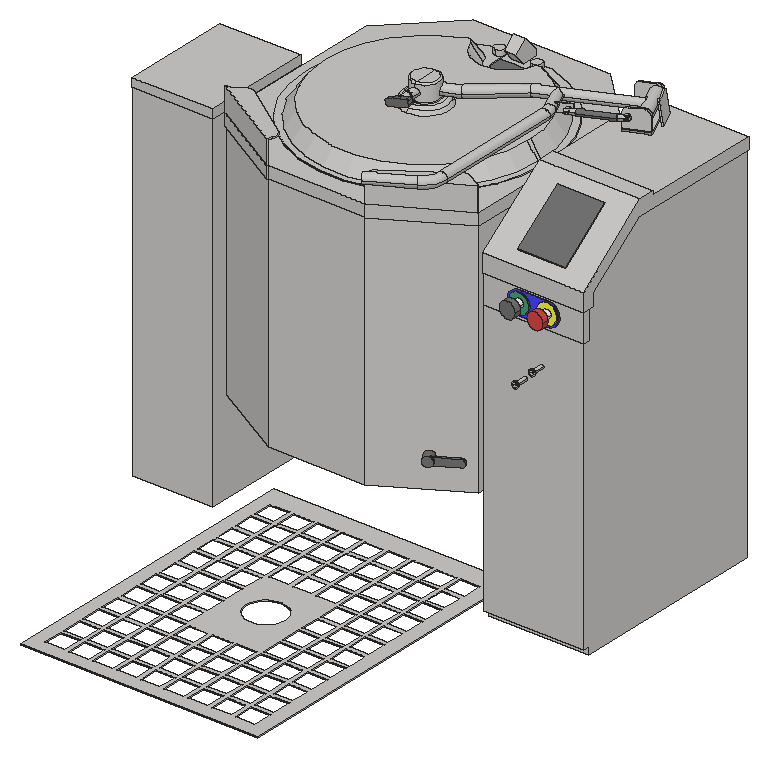
Revit family "QF_DIETATEC_C-CLASSIC_60_180516032051", category Specialty Equipment, Revit 2015
Parameters
  Width [instance] = 1154 mm
  Weight in Pounds [instance] = 297.621
  Volts [instance] = 400 V
  URL Cutsheet [instance] = ""
  URL = "www.dietatec.com"
  Status [instance] = ""
  Specification by User [instance] = ""
  Specification by Manufacturer [instance] = ""
  Serial Number [instance] = "C-CLASSIC_60"
  Seismic Rating [instance] = ""
  SMACNA No [instance] = ""
  Revision Code [instance] = ""
  Phase [instance] = 0
  Number of Poles [instance] = 3
  NAFEM Spec ID Number [instance] = ""
  Model = "54311"
  Min Ckt Ampacity [instance] = 0 A
  Max Overcurrent Protection [instance] = 0 A
  Masterspec [instance] = ""
  Manufacturer = "DIETATEC"
  ListPrice [instance] = 0
  Item Number [instance] = ""
  Installed By [instance] = ""
  Identify Quantity as Lot [instance] = yes
  Height [instance] = 1000 mm
  HP [instance] = ""
  Furnished By [instance] = ""
  Foodservice Equipment Identifier [instance] = yes
  FL Amps [instance] = 20 A
  Elec Conn RI Height [instance] = 0 mm
  Elec Conn Connection Height [instance] = 120 mm
  Description = "DIETA C-CLASSIC 60 KETTLE, ELECTRIC MODEL"
  Depth [instance] = 770 mm
  Cycle [instance] = 50 Hz
  Conn Plug [instance] = ""
  Conn Conduit [instance] = yes
  CSI MasterFormat [instance] = ""
  Assembly Code = "E1090320"
  Apparent Power [instance] = 13500 VA
Reference planes
  plane 1 "Center (Front/Back)": y = 0
  plane 2: z = 0
  plane 3 "Center (Left/Right)": x = 0
Forms (mm)
  Extrusion 1, solid, not visible
    sketch origin (803.5, -97.5, 120) x (1, 0, 0) y (0, 1, 0)
      loop
        line (0, 0) -> (2, 0) -> (2, 2) -> (0, 2) -> (0, 0)
    from 0 to 2
Dimensions and locks
  aligned and locked: level to plane 2
Nested families
  nested 1: "QF_Dietatec_C-CLASSIC_60_FL" at (0, 0, 0), type "54311_400_3"
    with Width 1154 mm, Status "", Specification by User "", Show Logo yes, Show Clearance yes, Revision Code "", Plumbing Remarks "", Plumbing Connection Type "", Number of Poles 3, ListPrice 0, Item Number "", Installed By "", Identify Quantity as Lot no, Height 1000 mm, Furnished By "", Foodservice Equipment Identifier yes, Electrical Remarks "", Electric Connection Type "", Elec Conn RI Height 0 mm, Elec Conn Connection Height 120 mm, Depth 770 mm, Conn Conduit no, Cold Water RI Height 120 mm, Cold Water Flow 0.0 L/s, Cold Water Consumption "", Cold Water Connection Height 120 mm
  nested 2: "QF_Dietatec_KETTLE_LEFT_LEG" at (0, 0, 0), type "KETTLE_LEFT_LEG"
    with Width 275 mm, Status "", Specification by User "", Show Logo yes, Show Clearance yes, Revision Code "", ListPrice 0, Item Number "", Installed By "", Identify Quantity as Lot no, Height 900 mm, Furnished By "", Foodservice Equipment Identifier yes, Depth 200 mm
Connectors
  electrical at (804.5, -95.5, 121), driven by "Volts"
    settings: on Extrusion 1, index 1, voltage 400 V, apparent load 13500 VA, apparent load phase1 0 VA, apparent load phase2 0 VA, apparent load phase3 0 VA, power factor 1, load classification "Other", number of poles 1, system type 30, power factor state 1, is connector primary yes, connector utility no, sub classification motor no, connector description "Electrical connection"
Definition of nested family "QF_Dietatec_C-CLASSIC_60_FL"
  Parameters (values of type "54311_400_3")
    Width [instance] = 0 mm
    Weight in Pounds = 297.6237
    Watts = 13500 W
    Volts = 400 V
    URL Cutsheet = "www.dietatec.com"
    URL = "www.dietatec.com"
    Status [instance] = ""
    Specification by User [instance] = ""
    Specification by Manufacturer = ""
    Show Logo [instance] = yes
    Show Clearance [instance] = yes
    Serial Number = ""
    Seismic Rating = ""
    SMACNA No = ""
    Revision Code [instance] = ""
    Plumbing Remarks [instance] = ""
    Plumbing Connection Type [instance] = ""
    Phase = 3
    Number of Poles [instance] = 3
    NAFEM Spec ID Number = ""
    Model = "54311.000000000000"
    Min Ckt Ampacity = 0 A
    Max Overcurrent Protection = 0 A
    Masterspec = ""
    Manufacturer = "DIETATEC"
    ListPrice [instance] = 0
    Item Number [instance] = ""
    Installed By [instance] = ""
    Identify Quantity as Lot [instance] = no
    Height [instance] = 0 mm
    HP = "18.103770000000"
    Furnished By [instance] = ""
    Foodservice Equipment Identifier [instance] = yes
    FL Amps = 20 A
    Electrical Remarks [instance] = ""
    Electric Connection Type [instance] = ""
    Elec Conn RI Height [instance] = 0 mm
    Elec Conn Connection Height [instance] = 120 mm
    Description = "DIETA C-CLASSIC 60 KETTLE, ELECTRIC MODEL"
    Depth [instance] = 0 mm
    Cycle = 50 Hz
    Conn Plug = ""
    Conn Conduit [instance] = no
    Cold Water Temperature Recommended = 0 °C
    Cold Water Size = 12.7 mm
    Cold Water RI Height [instance] = 120 mm
    Cold Water Minimum Pressure = 20000.0 Pa
    Cold Water Maximum Pressure = 50000.0 Pa
    Cold Water Flow [instance] = 0.0 L/s
    Cold Water Consumption [instance] = ""
    Cold Water Connection Height [instance] = 120 mm
    CSI MasterFormat = ""
    Assembly Code = "E1090320"
    Apparent Power = 13500 VA
  Reference planes
    plane 1 "Back": y = 0
    plane 2: z = 0
    plane 3 "Left": x = 0
    plane 4 "Right": x = 950.5
    plane 5 "Front": y = -769.992
    plane 6 "Top": z = 1000
  Forms (mm)
    Extrusion 1, solid
      sketch origin (1853.203, 903.185, 150) x (1, 0, 0) y (0, 1, 0)
        loop
          line (-1804.703, -1372.685) -> (-1804.703, -2172.685) -> (-1204.703, -2172.685) -> (-1204.703, -1372.685) -> (-1804.703, -1372.685)
        loop
          line (-1769.703, -1427.685) -> (-1769.703, -1477.685) -> (-1719.703, -1477.685) -> (-1719.703, -1427.685) -> (-1769.703, -1427.685)
        loop
          line (-1709.703, -1427.685) -> (-1709.703, -1477.685) -> (-1659.703, -1477.685) -> (-1659.703, -1427.685) -> (-1709.703, -1427.685)
        loop
          line (-1649.703, -1427.685) -> (-1649.703, -1477.685) -> (-1599.703, -1477.685) -> (-1599.703, -1427.685) -> (-1649.703, -1427.685)
        loop
          line (-1589.703, -1427.685) -> (-1589.703, -1477.685) -> (-1539.703, -1477.685) -> (-1539.703, -1427.685) -> (-1589.703, -1427.685)
        loop
          line (-1529.703, -1427.685) -> (-1529.703, -1477.685) -> (-1479.703, -1477.685) -> (-1479.703, -1427.685) -> (-1529.703, -1427.685)
        loop
          line (-1469.703, -1427.685) -> (-1469.703, -1477.685) -> (-1419.703, -1477.685) -> (-1419.703, -1427.685) -> (-1469.703, -1427.685)
        loop
          line (-1409.703, -1427.685) -> (-1409.703, -1477.685) -> (-1359.703, -1477.685) -> (-1359.703, -1427.685) -> (-1409.703, -1427.685)
        loop
          line (-1349.703, -1427.685) -> (-1349.703, -1477.685) -> (-1299.703, -1477.685) -> (-1299.703, -1427.685) -> (-1349.703, -1427.685)
        loop
          line (-1289.703, -1427.685) -> (-1289.703, -1477.685) -> (-1239.703, -1477.685) -> (-1239.703, -1427.685) -> (-1289.703, -1427.685)
        loop
          line (-1769.703, -1487.685) -> (-1769.703, -1537.685) -> (-1719.703, -1537.685) -> (-1719.703, -1487.685) -> (-1769.703, -1487.685)
        loop
          line (-1709.703, -1487.685) -> (-1709.703, -1537.685) -> (-1659.703, -1537.685) -> (-1659.703, -1487.685) -> (-1709.703, -1487.685)
        loop
          line (-1649.703, -1487.685) -> (-1649.703, -1537.685) -> (-1599.703, -1537.685) -> (-1599.703, -1487.685) -> (-1649.703, -1487.685)
        loop
          line (-1589.703, -1487.685) -> (-1589.703, -1537.685) -> (-1539.703, -1537.685) -> (-1539.703, -1487.685) -> (-1589.703, -1487.685)
        loop
          line (-1529.703, -1487.685) -> (-1529.703, -1537.685) -> (-1479.703, -1537.685) -> (-1479.703, -1487.685) -> (-1529.703, -1487.685)
        loop
          line (-1469.703, -1487.685) -> (-1469.703, -1537.685) -> (-1419.703, -1537.685) -> (-1419.703, -1487.685) -> (-1469.703, -1487.685)
        loop
          line (-1409.703, -1487.685) -> (-1409.703, -1537.685) -> (-1359.703, -1537.685) -> (-1359.703, -1487.685) -> (-1409.703, -1487.685)
        loop
          line (-1349.703, -1487.685) -> (-1349.703, -1537.685) -> (-1299.703, -1537.685) -> (-1299.703, -1487.685) -> (-1349.703, -1487.685)
        loop
          line (-1289.703, -1487.685) -> (-1289.703, -1537.685) -> (-1239.703, -1537.685) -> (-1239.703, -1487.685) -> (-1289.703, -1487.685)
        loop
          line (-1769.703, -1547.685) -> (-1769.703, -1597.685) -> (-1719.703, -1597.685) -> (-1719.703, -1547.685) -> (-1769.703, -1547.685)
        loop
          line (-1709.703, -1547.685) -> (-1709.703, -1597.685) -> (-1659.703, -1597.685) -> (-1659.703, -1547.685) -> (-1709.703, -1547.685)
        loop
          line (-1649.703, -1547.685) -> (-1649.703, -1597.685) -> (-1599.703, -1597.685) -> (-1599.703, -1547.685) -> (-1649.703, -1547.685)
        loop
          line (-1589.703, -1547.685) -> (-1589.703, -1597.685) -> (-1539.703, -1597.685) -> (-1539.703, -1547.685) -> (-1589.703, -1547.685)
        loop
          line (-1529.703, -1547.685) -> (-1529.703, -1597.685) -> (-1479.703, -1597.685) -> (-1479.703, -1547.685) -> (-1529.703, -1547.685)
        loop
          line (-1469.703, -1547.685) -> (-1469.703, -1597.685) -> (-1419.703, -1597.685) -> (-1419.703, -1547.685) -> (-1469.703, -1547.685)
        loop
          line (-1409.703, -1547.685) -> (-1409.703, -1597.685) -> (-1359.703, -1597.685) -> (-1359.703, -1547.685) -> (-1409.703, -1547.685)
        loop
          line (-1349.703, -1547.685) -> (-1349.703, -1597.685) -> (-1299.703, -1597.685) -> (-1299.703, -1547.685) -> (-1349.703, -1547.685)
        loop
          line (-1289.703, -1547.685) -> (-1289.703, -1597.685) -> (-1239.703, -1597.685) -> (-1239.703, -1547.685) -> (-1289.703, -1547.685)
        loop
          line (-1769.703, -1607.685) -> (-1769.703, -1657.685) -> (-1719.703, -1657.685) -> (-1719.703, -1607.685) -> (-1769.703, -1607.685)
        loop
          line (-1709.703, -1607.685) -> (-1709.703, -1657.685) -> (-1659.703, -1657.685) -> (-1659.703, -1607.685) -> (-1709.703, -1607.685)
        loop
          line (-1649.703, -1607.685) -> (-1649.703, -1657.685) -> (-1599.703, -1657.685) -> (-1599.703, -1607.685) -> (-1649.703, -1607.685)
        loop
          line (-1589.703, -1607.685) -> (-1589.703, -1657.685) -> (-1539.703, -1657.685) -> (-1539.703, -1607.685) -> (-1589.703, -1607.685)
        loop
          line (-1529.703, -1607.685) -> (-1529.703, -1657.685) -> (-1479.703, -1657.685) -> (-1479.703, -1607.685) -> (-1529.703, -1607.685)
        loop
          line (-1469.703, -1607.685) -> (-1469.703, -1657.685) -> (-1419.703, -1657.685) -> (-1419.703, -1607.685) -> (-1469.703, -1607.685)
        loop
          line (-1409.703, -1607.685) -> (-1409.703, -1657.685) -> (-1359.703, -1657.685) -> (-1359.703, -1607.685) -> (-1409.703, -1607.685)
        loop
          line (-1349.703, -1607.685) -> (-1349.703, -1657.685) -> (-1299.703, -1657.685) -> (-1299.703, -1607.685) -> (-1349.703, -1607.685)
        loop
          line (-1289.703, -1607.685) -> (-1289.703, -1657.685) -> (-1239.703, -1657.685) -> (-1239.703, -1607.685) -> (-1289.703, -1607.685)
        loop
          line (-1769.703, -1667.685) -> (-1769.703, -1717.685) -> (-1719.703, -1717.685) -> (-1719.703, -1667.685) -> (-1769.703, -1667.685)
        loop
          line (-1709.703, -1667.685) -> (-1709.703, -1717.685) -> (-1659.703, -1717.685) -> (-1659.703, -1667.685) -> (-1709.703, -1667.685)
        loop
          line (-1649.703, -1667.685) -> (-1649.703, -1717.685) -> (-1599.703, -1717.685) -> (-1599.703, -1667.685) -> (-1649.703, -1667.685)
        loop
          line (-1409.703, -1667.685) -> (-1409.703, -1717.685) -> (-1359.703, -1717.685) -> (-1359.703, -1667.685) -> (-1409.703, -1667.685)
        loop
          line (-1349.703, -1667.685) -> (-1349.703, -1717.685) -> (-1299.703, -1717.685) -> (-1299.703, -1667.685) -> (-1349.703, -1667.685)
        loop
          line (-1289.703, -1667.685) -> (-1289.703, -1717.685) -> (-1239.703, -1717.685) -> (-1239.703, -1667.685) -> (-1289.703, -1667.685)
        loop
          line (-1769.703, -1727.685) -> (-1769.703, -1777.685) -> (-1719.703, -1777.685) -> (-1719.703, -1727.685) -> (-1769.703, -1727.685)
        loop
          line (-1709.703, -1727.685) -> (-1709.703, -1777.685) -> (-1659.703, -1777.685) -> (-1659.703, -1727.685) -> (-1709.703, -1727.685)
        loop
          line (-1649.703, -1727.685) -> (-1649.703, -1777.685) -> (-1599.703, -1777.685) -> (-1599.703, -1727.685) -> (-1649.703, -1727.685)
        loop
          line (-1409.703, -1727.685) -> (-1409.703, -1777.685) -> (-1359.703, -1777.685) -> (-1359.703, -1727.685) -> (-1409.703, -1727.685)
        loop
          line (-1349.703, -1727.685) -> (-1349.703, -1777.685) -> (-1299.703, -1777.685) -> (-1299.703, -1727.685) -> (-1349.703, -1727.685)
        loop
          line (-1289.703, -1727.685) -> (-1289.703, -1777.685) -> (-1239.703, -1777.685) -> (-1239.703, -1727.685) -> (-1289.703, -1727.685)
        loop
          line (-1769.703, -1787.685) -> (-1769.703, -1837.685) -> (-1719.703, -1837.685) -> (-1719.703, -1787.685) -> (-1769.703, -1787.685)
        loop
          line (-1709.703, -1787.685) -> (-1709.703, -1837.685) -> (-1659.703, -1837.685) -> (-1659.703, -1787.685) -> (-1709.703, -1787.685)
        loop
          line (-1649.703, -1787.685) -> (-1649.703, -1837.685) -> (-1599.703, -1837.685) -> (-1599.703, -1787.685) -> (-1649.703, -1787.685)
        loop
          line (-1409.703, -1787.685) -> (-1409.703, -1837.685) -> (-1359.703, -1837.685) -> (-1359.703, -1787.685) -> (-1409.703, -1787.685)
        loop
          line (-1349.703, -1787.685) -> (-1349.703, -1837.685) -> (-1299.703, -1837.685) -> (-1299.703, -1787.685) -> (-1349.703, -1787.685)
        loop
          line (-1289.703, -1787.685) -> (-1289.703, -1837.685) -> (-1239.703, -1837.685) -> (-1239.703, -1787.685) -> (-1289.703, -1787.685)
        loop
          line (-1769.703, -1847.685) -> (-1769.703, -1897.685) -> (-1719.703, -1897.685) -> (-1719.703, -1847.685) -> (-1769.703, -1847.685)
        loop
          line (-1709.703, -1847.685) -> (-1709.703, -1897.685) -> (-1659.703, -1897.685) -> (-1659.703, -1847.685) -> (-1709.703, -1847.685)
        loop
          line (-1649.703, -1847.685) -> (-1649.703, -1897.685) -> (-1599.703, -1897.685) -> (-1599.703, -1847.685) -> (-1649.703, -1847.685)
        loop
          line (-1409.703, -1847.685) -> (-1409.703, -1897.685) -> (-1359.703, -1897.685) -> (-1359.703, -1847.685) -> (-1409.703, -1847.685)
        loop
          line (-1349.703, -1847.685) -> (-1349.703, -1897.685) -> (-1299.703, -1897.685) -> (-1299.703, -1847.685) -> (-1349.703, -1847.685)
        loop
          line (-1289.703, -1847.685) -> (-1289.703, -1897.685) -> (-1239.703, -1897.685) -> (-1239.703, -1847.685) -> (-1289.703, -1847.685)
        loop
          line (-1769.703, -1907.685) -> (-1769.703, -1957.685) -> (-1719.703, -1957.685) -> (-1719.703, -1907.685) -> (-1769.703, -1907.685)
        loop
          line (-1709.703, -1907.685) -> (-1709.703, -1957.685) -> (-1659.703, -1957.685) -> (-1659.703, -1907.685) -> (-1709.703, -1907.685)
        loop
          line (-1649.703, -1907.685) -> (-1649.703, -1957.685) -> (-1599.703, -1957.685) -> (-1599.703, -1907.685) -> (-1649.703, -1907.685)
        loop
          line (-1589.703, -1907.685) -> (-1589.703, -1957.685) -> (-1539.703, -1957.685) -> (-1539.703, -1907.685) -> (-1589.703, -1907.685)
        loop
          line (-1529.703, -1907.685) -> (-1529.703, -1957.685) -> (-1479.703, -1957.685) -> (-1479.703, -1907.685) -> (-1529.703, -1907.685)
        loop
          line (-1469.703, -1907.685) -> (-1469.703, -1957.685) -> (-1419.703, -1957.685) -> (-1419.703, -1907.685) -> (-1469.703, -1907.685)
        loop
          line (-1409.703, -1907.685) -> (-1409.703, -1957.685) -> (-1359.703, -1957.685) -> (-1359.703, -1907.685) -> (-1409.703, -1907.685)
        loop
          line (-1349.703, -1907.685) -> (-1349.703, -1957.685) -> (-1299.703, -1957.685) -> (-1299.703, -1907.685) -> (-1349.703, -1907.685)
        loop
          line (-1289.703, -1907.685) -> (-1289.703, -1957.685) -> (-1239.703, -1957.685) -> (-1239.703, -1907.685) -> (-1289.703, -1907.685)
        loop
          line (-1769.703, -1967.685) -> (-1769.703, -2017.685) -> (-1719.703, -2017.685) -> (-1719.703, -1967.685) -> (-1769.703, -1967.685)
        loop
          line (-1709.703, -1967.685) -> (-1709.703, -2017.685) -> (-1659.703, -2017.685) -> (-1659.703, -1967.685) -> (-1709.703, -1967.685)
        loop
          line (-1649.703, -1967.685) -> (-1649.703, -2017.685) -> (-1599.703, -2017.685) -> (-1599.703, -1967.685) -> (-1649.703, -1967.685)
        loop
          line (-1589.703, -1967.685) -> (-1589.703, -2017.685) -> (-1539.703, -2017.685) -> (-1539.703, -1967.685) -> (-1589.703, -1967.685)
        loop
          line (-1529.703, -1967.685) -> (-1529.703, -2017.685) -> (-1479.703, -2017.685) -> (-1479.703, -1967.685) -> (-1529.703, -1967.685)
        loop
          line (-1469.703, -1967.685) -> (-1469.703, -2017.685) -> (-1419.703, -2017.685) -> (-1419.703, -1967.685) -> (-1469.703, -1967.685)
        loop
          line (-1409.703, -1967.685) -> (-1409.703, -2017.685) -> (-1359.703, -2017.685) -> (-1359.703, -1967.685) -> (-1409.703, -1967.685)
        loop
          line (-1349.703, -1967.685) -> (-1349.703, -2017.685) -> (-1299.703, -2017.685) -> (-1299.703, -1967.685) -> (-1349.703, -1967.685)
        loop
          line (-1289.703, -1967.685) -> (-1289.703, -2017.685) -> (-1239.703, -2017.685) -> (-1239.703, -1967.685) -> (-1289.703, -1967.685)
        loop
          line (-1769.703, -2027.685) -> (-1769.703, -2077.685) -> (-1719.703, -2077.685) -> (-1719.703, -2027.685) -> (-1769.703, -2027.685)
        loop
          line (-1709.703, -2027.685) -> (-1709.703, -2077.685) -> (-1659.703, -2077.685) -> (-1659.703, -2027.685) -> (-1709.703, -2027.685)
        loop
          line (-1649.703, -2027.685) -> (-1649.703, -2077.685) -> (-1599.703, -2077.685) -> (-1599.703, -2027.685) -> (-1649.703, -2027.685)
        loop
          line (-1589.703, -2027.685) -> (-1589.703, -2077.685) -> (-1539.703, -2077.685) -> (-1539.703, -2027.685) -> (-1589.703, -2027.685)
        loop
          line (-1529.703, -2027.685) -> (-1529.703, -2077.685) -> (-1479.703, -2077.685) -> (-1479.703, -2027.685) -> (-1529.703, -2027.685)
        loop
          line (-1469.703, -2027.685) -> (-1469.703, -2077.685) -> (-1419.703, -2077.685) -> (-1419.703, -2027.685) -> (-1469.703, -2027.685)
        loop
          line (-1409.703, -2027.685) -> (-1409.703, -2077.685) -> (-1359.703, -2077.685) -> (-1359.703, -2027.685) -> (-1409.703, -2027.685)
        loop
          line (-1349.703, -2027.685) -> (-1349.703, -2077.685) -> (-1299.703, -2077.685) -> (-1299.703, -2027.685) -> (-1349.703, -2027.685)
        loop
          line (-1289.703, -2027.685) -> (-1289.703, -2077.685) -> (-1239.703, -2077.685) -> (-1239.703, -2027.685) -> (-1289.703, -2027.685)
        loop
          line (-1769.703, -2087.685) -> (-1769.703, -2137.685) -> (-1719.703, -2137.685) -> (-1719.703, -2087.685) -> (-1769.703, -2087.685)
        loop
          line (-1709.703, -2087.685) -> (-1709.703, -2137.685) -> (-1659.703, -2137.685) -> (-1659.703, -2087.685) -> (-1709.703, -2087.685)
        loop
          line (-1649.703, -2087.685) -> (-1649.703, -2137.685) -> (-1599.703, -2137.685) -> (-1599.703, -2087.685) -> (-1649.703, -2087.685)
        loop
          line (-1589.703, -2087.685) -> (-1589.703, -2137.685) -> (-1539.703, -2137.685) -> (-1539.703, -2087.685) -> (-1589.703, -2087.685)
        loop
          line (-1529.703, -2087.685) -> (-1529.703, -2137.685) -> (-1479.703, -2137.685) -> (-1479.703, -2087.685) -> (-1529.703, -2087.685)
        loop
          line (-1469.703, -2087.685) -> (-1469.703, -2137.685) -> (-1419.703, -2137.685) -> (-1419.703, -2087.685) -> (-1469.703, -2087.685)
        loop
          line (-1409.703, -2087.685) -> (-1409.703, -2137.685) -> (-1359.703, -2137.685) -> (-1359.703, -2087.685) -> (-1409.703, -2087.685)
        loop
          line (-1349.703, -2087.685) -> (-1349.703, -2137.685) -> (-1299.703, -2137.685) -> (-1299.703, -2087.685) -> (-1349.703, -2087.685)
        loop
          line (-1289.703, -2087.685) -> (-1289.703, -2137.685) -> (-1239.703, -2137.685) -> (-1239.703, -2087.685) -> (-1289.703, -2087.685)
        loop
          circle (-1504.703, -1772.685) r 50
      from -150 to -148
    Extrusion 2, solid
      sketch origin (-203, -1000, 0) x (0, 1, 0) y (0, 0, 1)
        loop
          line (900.5, 921.5) -> (900.5, 951.5) -> (600.5, 951.5) -> (600.5, 961.15) -> (558.5, 961.15) -> (380.5, 827.65) -> (380.5, 782.65) -> (410.5, 782.65) -> (410.5, 812.65) -> (555.633, 921.5) -> (900.5, 921.5)
      from 899.5 to 1153.5
    Extrusion 3, solid
      sketch origin (-203, 0, 0) x (0, 1, 0) y (0, 0, 1)
        loop
          line (-602.5, 782.65) -> (-618, 782.65) -> (-618, 710.15) -> (-602.5, 710.15) -> (-602.5, 782.65)
      from 901 to 1152
    Extrusion 4, solid
      sketch origin (48.5, -732.029, 6.15) x (1, 0, 0) y (0, 0, 1)
        loop
          circle (740, 741) r 10
      from -112.029 to -90
    Extrusion 5, solid
      sketch origin (48.5, -792.029, 6.15) x (1, 0, 0) y (0, 0, 1)
        loop
          circle (740, 741) r 20
      from -150 to -135
    Extrusion 6, solid
      sketch origin (48.5, -768, 6.15) x (1, 0, 0) y (0, 0, 1)
        loop
          circle (740, 741) r 25
      from -150 to -148
    Extrusion 7, solid
      sketch origin (118.5, -732.029, 6.15) x (1, 0, 0) y (0, 0, 1)
        loop
          circle (740, 741) r 10
      from -112.029 to -90
    Extrusion 8, solid
      sketch origin (118.5, -792.029, 6.15) x (1, 0, 0) y (0, 0, 1)
        loop
          circle (740, 741) r 20
      from -150 to -135
    Extrusion 9, solid
      sketch origin (118.5, -768, 6.15) x (1, 0, 0) y (0, 0, 1)
        loop
          circle (740, 741) r 25
      from -150 to -148
    Extrusion 10, solid
      sketch origin (130.5, -767, -53.35) x (1, 0, 0) y (0, 0, 1)
        loop
          arc (658, 830.5) -> (628, 800.5) -> (658, 770.5) r 30
          line (658, 770.5) -> (728, 770.5)
          arc (728, 770.5) -> (758, 800.5) -> (728, 830.5) r 30
          line (728, 830.5) -> (658, 830.5)
      from -150 to -148
    Extrusion 11, solid
      sketch origin (-203, 0, 0) x (0, 1, 0) y (0, 0, 1)
        loop
          line (-468.4, 941.6) -> (-593.2, 848) -> (-592, 846.4) -> (-467.2, 940) -> (-468.4, 941.6)
      from 966.5 to 1086.5
    Revolve 12, solid
      sketch origin (-203, 0, 580) x (1, 0, 0) y (0, 1, 0)
        loop
          line (1009.5, -618.013) -> (1005.5, -618.013) -> (1005.5, -651) -> (1012.485, -651)
          arc (1012.485, -651) -> (1012.849, -650.849) -> (1013, -650.485) r 0.515
          line (1013, -650.485) -> (1013, -648.5) -> (1009.5, -648.5) -> (1009.5, -618.013)
        axis (1005.5, -651) -> (1005.5, -618.013)
      angle from 0 to 360
    Revolve 13, solid
      sketch origin (-161, 0, 622) x (1, 0, 0) y (0, 1, 0)
        loop
          line (1009.5, -618.003) -> (1005.5, -618.003) -> (1005.5, -651) -> (1012.485, -651)
          arc (1012.485, -651) -> (1012.849, -650.849) -> (1013, -650.485) r 0.515
          line (1013, -650.485) -> (1013, -648.5) -> (1009.5, -648.5) -> (1009.5, -618.003)
        axis (1005.5, -651) -> (1005.5, -618.003)
      angle from 0 to 360
    Revolve 14, solid
      sketch origin (-203, -476, 0) x (1, 0, 0) y (0, 0, 1)
        loop
          line (204.5, 825) -> (201.5, 825) -> (201.5, 775) -> (233, 775) -> (233, 837.5) -> (232.15, 837.5) -> (232.15, 824.35)
          arc (232.15, 824.35) -> (230.796, 821.35) -> (227.65, 820.381) r 4
          line (227.65, 820.381) -> (227.65, 819.45) -> (213, 819.45) -> (213, 818.5) -> (204.5, 818.5) -> (204.5, 825)
        axis (233, 775) -> (201.5, 775)
      angle from 0 to 360
    Revolve 15, solid
      sketch origin (900, -476, 0) x (-1, 0, 0) y (0, 0, -1)
        loop
          line (204.5, -825) -> (204.5, -818.5) -> (213, -818.5) -> (213, -819.45) -> (227.65, -819.45) -> (227.65, -820.381)
          arc (227.65, -820.381) -> (230.796, -821.35) -> (232.15, -824.35) r 4
          line (232.15, -824.35) -> (232.15, -837.5) -> (233, -837.5) -> (233, -775) -> (201.5, -775) -> (201.5, -825) -> (204.5, -825)
        axis (233, -775) -> (201.5, -775)
      angle from 0 to 360
    Extrusion 16, solid
      sketch origin (-203, 0, 0) x (1, 0, 0) y (0, 1, 0)
        loop
          line (722.48, -3.3) -> (380.52, -3.3) -> (233.3, -150.52) -> (233.3, -596.343) -> (430.16, -710) -> (672.84, -710) -> (869.7, -596.343) -> (869.7, -150.52) -> (722.48, -3.3)
      from 263.772 to 870
    Extrusion 17, solid
      sketch origin (-203, 0, 27) x (1, 0, 0) y (0, 1, 0)
        loop
          line (430.16, -710) -> (672.84, -710) -> (674, -709.33) -> (675.65, -712.188) -> (873, -598.248) -> (873, -149.153) -> (723.847, 0) -> (379.153, 0) -> (230, -149.153) -> (230, -598.248) -> (427.35, -712.188) -> (429, -709.33) -> (430.16, -710)
      from 843 to 873
    Extrusion 18, solid
      sketch origin (-203, 0, 1020) x (1, 0, 0) y (0, 1, 0)
        loop
          line (674, -709.33) -> (675.65, -712.188) -> (870.593, -599.638) -> (868.943, -596.78) -> (674, -709.33)
        loop
          line (429, -709.33) -> (234.057, -596.78) -> (232.407, -599.638) -> (427.35, -712.188) -> (429, -709.33)
      from -120 to -59.435
    Extrusion 19, solid
      sketch origin (-203, 0, 1040) x (1, 0, 0) y (0, 1, 0)
        loop
          line (241.167, -594.601) -> (234.057, -596.78) -> (232.407, -599.638) -> (427.35, -712.188) -> (433.173, -702.102)
          arc (433.173, -702.102) -> (435.379, -687.773) -> (427.324, -675.719) r 20
          line (427.324, -675.719) -> (290.139, -579.661)
          arc (290.139, -579.661) -> (279.54, -576.063) -> (268.668, -578.723) r 20
          line (268.668, -578.723) -> (241.167, -594.601)
        loop
          line (861.833, -594.601) -> (834.332, -578.723)
          arc (834.332, -578.723) -> (823.46, -576.063) -> (812.861, -579.661) r 20
          line (812.861, -579.661) -> (675.676, -675.719)
          arc (675.676, -675.719) -> (667.621, -687.773) -> (669.827, -702.102) r 20
          line (669.827, -702.102) -> (675.65, -712.188) -> (870.593, -599.638) -> (868.943, -596.78) -> (861.833, -594.601)
      from -81.15 to -78.15
    Revolve 20, solid
      sketch origin (348.5, 0, 0) x (0, 1, 0) y (0, 0, 1)
        loop
          line (-366, 995.5) -> (-366, 937.455) -> (-307.025, 937.455) -> (-312.103, 946.25)
          arc (-312.103, 946.25) -> (-315.946, 950.093) -> (-321.196, 951.5) r 10.5
          line (-321.196, 951.5) -> (-331, 951.5) -> (-331, 953.5) -> (-332.5, 953.5) -> (-332.5, 992) -> (-336, 995.5) -> (-366, 995.5)
        axis (-366, 937.455) -> (-366, 995.5)
      angle from 0 to 360
    Extrusion 21, solid
      sketch origin (-203, 0, 879.5) x (1, 0, 0) y (0, 1, 0)
        loop
          arc (471.1, -61.974) -> (312.628, -169.506) -> (251.5, -351) r 300
          line (251.5, -351) -> (251.5, -366)
          arc (251.5, -366) -> (551.5, -666) -> (851.5, -366) r 300
          line (851.5, -366) -> (851.5, -351)
          arc (851.5, -351) -> (790.372, -169.506) -> (631.9, -61.974) r 300
          arc (631.9, -61.974) -> (625.262, -60.605) -> (618.5, -60.145) r 50
          line (618.5, -60.145) -> (599, -60.145)
          arc (599, -60.145) -> (590.161, -63.806) -> (586.5, -72.645) r 12.5
          arc (586.5, -72.645) -> (585.938, -92.703) -> (584.308, -112.702) r 376.25
          arc (584.308, -112.702) -> (551.5, -142.145) -> (518.692, -112.702) r 33
          arc (518.692, -112.702) -> (517.061, -92.687) -> (516.5, -72.613) r 376.25
          arc (516.5, -72.613) -> (512.828, -63.795) -> (504, -60.145) r 12.5
          line (504, -60.145) -> (484.5, -60.145)
          arc (484.5, -60.145) -> (477.738, -60.605) -> (471.1, -61.974) r 50
      from 20 to 22
    Blend 22, solid
      base sketch origin (-203, 0, 0) x (1, 0, 0) y (0, 1, 0)
        loop
          arc (445.186, -92.991) -> (316.303, -197.386) -> (267.817, -356) r 283.683
          line (267.817, -356) -> (267.817, -366)
          arc (267.817, -366) -> (551.5, -649.683) -> (835.183, -366) r 283.683
          line (835.183, -366) -> (835.183, -356)
          arc (835.183, -356) -> (786.697, -197.386) -> (657.814, -92.991) r 283.683
          arc (657.814, -92.991) -> (624.632, -94.01) -> (602.983, -119.177) r 41.183
          arc (602.983, -119.177) -> (551.5, -157.317) -> (500.017, -119.177) r 53.817
          arc (500.017, -119.177) -> (478.368, -94.01) -> (445.186, -92.991) r 41.183
      top sketch origin (-203, 0, 0) x (1, 0, 0) y (0, 1, 0)
        loop
          arc (455.212, -117.796) -> (338.484, -212.345) -> (294.571, -356) r 256.929
          line (294.571, -356) -> (294.571, -366)
          arc (294.571, -366) -> (551.5, -622.929) -> (808.429, -366) r 256.929
          line (808.429, -366) -> (808.429, -356)
          arc (808.429, -356) -> (764.516, -212.345) -> (647.788, -117.796) r 256.929
          arc (647.788, -117.796) -> (636.162, -118.153) -> (628.577, -126.97) r 14.429
          arc (628.577, -126.97) -> (551.5, -184.071) -> (474.423, -126.97) r 80.571
          arc (474.423, -126.97) -> (466.838, -118.153) -> (455.212, -117.796) r 14.429
      from 901.5 to 937.63
    Extrusion 23, solid
      sketch origin (-203, 0, 0) x (0, 1, 0) y (0, 0, 1)
        loop
          line (-37.248, 900) -> (-37.248, 917.876) -> (-67.284, 953.672) -> (-97.926, 927.96) -> (-74.464, 900) -> (-37.248, 900)
      from 536.5 to 566.5
    Extrusion 24, solid
      sketch origin (-203, -420, 0) x (1, 0, 0) y (0, 0, 1)
        loop
          arc (524.133, 972.678) -> (522.051, 970.677) -> (521.857, 967.795) r 4.004
          line (521.857, 967.795) -> (523.853, 961.376)
          arc (523.853, 961.376) -> (525.646, 959.116) -> (528.494, 958.65) r 4
          line (528.494, 958.65) -> (545.58, 962.233) -> (562.767, 967.58) -> (578.87, 974.324)
          arc (578.87, 974.324) -> (580.95, 976.323) -> (581.145, 979.201) r 4
          line (581.145, 979.201) -> (579.147, 985.624)
          arc (579.147, 985.624) -> (577.354, 987.884) -> (574.506, 988.35) r 4
          line (574.506, 988.35) -> (557.42, 984.767) -> (540.233, 979.42) -> (524.133, 972.678)
      from 23.355 to 35.355
    Revolve 25, solid
      sketch origin (-203, 0, 973.5) x (1, 0, 0) y (0, 1, 0)
        loop
          line (541.5, -394.5) -> (541.5, -418.855) -> (542.908, -418.855) -> (542.908, -421.355) -> (547, -421.355) -> (547, -423.355) -> (542.5, -423.355) -> (542.5, -443.355) -> (551.5, -443.355) -> (551.5, -394.5) -> (541.5, -394.5)
        axis (551.5, -443.355) -> (551.5, -394.5)
      angle from 0 to 360
    Sweep 26, solid
      path origin (-203, 0, 991.467) x (1, 0, 0) y (0, 1, 0)
        loop
          line (713.848, -769.992) -> (810.092, -714.426)
          arc (810.092, -714.426) -> (832.969, -691.549) -> (841.342, -660.299) r 62.5
          line (841.342, -660.299) -> (841.342, -336.028)
          arc (841.342, -336.028) -> (839.861, -322.501) -> (835.486, -309.615) r 62.5
          line (835.486, -309.615) -> (806.642, -247.757)
      profile origin (638.342, -498.164, 991.467) x (-1, 0, 0) y (0, 0, 1)
        loop
          circle (12.5, 0) r 12.5
    Sweep 27, solid
      path origin (-142.68, -595.041, 0) x (0.906308, 0.422618, 0) y (0, 0, 1)
        loop
          line (564.254, 957.5) -> (619.254, 957.5) -> (759.731, 979) -> (989.731, 979)
      profile origin (393.631, -344.955, 957.5) x (0, 0, 1) y (0.422618, -0.906308, 0)
        loop
          circle (12.5, 0) r 12.5
    Extrusion 28, solid
      sketch origin (386.171, -935.322, 39.076) x (0.866025, 0.5, 0) y (0, 0, 1)
        loop
          circle (315, 303) r 12
      from -150 to -125
    Extrusion 29, solid
      sketch origin (395.171, -950.91, 39.076) x (0.866025, 0.5, 0) y (0, 0, 1)
        loop
          line (321.633, 293) -> (381, 293)
          arc (381, 293) -> (391, 303) -> (381, 313) r 10
          line (381, 313) -> (321.633, 313)
          arc (321.633, 313) -> (327, 303) -> (321.633, 293) r 12
      from -150 to -145
    Extrusion 30, solid
      sketch origin (-203, 0, 950) x (1, 0, 0) y (0, 1, 0)
        loop
          line (858.004, -281.002) -> (817.22, -300.02) -> (818.488, -302.739) -> (859.272, -283.721) -> (858.004, -281.002)
      from 30 to 53
    Revolve 31, solid
      sketch origin (-203, 0, 991.5) x (1, 0, 0) y (0, 1, 0)
        loop
          line (870.848, -285.378) -> (847.634, -296.204)
          arc (847.634, -296.204) -> (847.606, -298.584) -> (848.28, -300.868) r 8
          line (848.28, -300.868) -> (872.75, -289.457) -> (870.848, -285.378)
        loop
          line (944.709, -250.937) -> (946.611, -255.015) -> (971.081, -243.604)
          arc (971.081, -243.604) -> (969.765, -241.62) -> (967.924, -240.112) r 8
          line (967.924, -240.112) -> (944.709, -250.937)
        axis (848.28, -300.868) -> (971.081, -243.604)
      angle from 0 to 360
    Revolve 32, solid
      sketch origin (-203, 0, 991.5) x (1, 0, 0) y (0, 1, 0)
        loop
          line (872.524, -289.563) -> (946.841, -254.908) -> (943.671, -248.111) -> (869.354, -282.765) -> (872.524, -289.563)
        axis (872.524, -289.563) -> (946.841, -254.908)
      angle from 0 to 360
    Revolve 33, solid
      sketch origin (-203, 0, 991.83) x (1, 0, 0) y (0, 1, 0)
        loop
          line (856.34, -305.494) -> (858.742, -304.375) -> (845.326, -275.604) -> (843.514, -276.449) -> (843.03, -277.778) -> (848.207, -288.881) -> (846.394, -289.726) -> (847.602, -292.316)
          arc (847.602, -292.316) -> (848.524, -291.928) -> (849.43, -291.504) r 25
          line (849.43, -291.504) -> (851.438, -294.982) -> (856.34, -305.494)
        axis (845.326, -275.604) -> (858.742, -304.375)
      angle from 0 to 360
    Revolve 34, solid
      sketch origin (1082.87, 599.611, 991.83) x (-0.642788, -0.766044, 0) y (0.766044, -0.642788, 0)
        loop
          line (856.34, 305.494) -> (851.438, 294.982) -> (849.43, 291.504)
          arc (849.43, 291.504) -> (848.524, 291.928) -> (847.602, 292.316) r 25
          line (847.602, 292.316) -> (846.394, 289.726) -> (848.207, 288.881) -> (843.03, 277.778) -> (843.514, 276.449) -> (845.326, 275.604) -> (858.742, 304.375) -> (856.34, 305.494)
        axis (845.326, 275.604) -> (858.742, 304.375)
      angle from 0 to 360
    Extrusion 35, solid
      sketch origin (-723.621, -648.922, 0) x (0.906308, 0.422618, 0) y (0, 0, 1)
        loop
          arc (1518.24, 1010.5) -> (1507.633, 1006.107) -> (1503.24, 995.5) r 15
          line (1503.24, 995.5) -> (1503.24, 961.15) -> (1563.24, 961.15) -> (1563.24, 995.5)
          arc (1563.24, 995.5) -> (1558.846, 1006.107) -> (1548.24, 1010.5) r 15
          line (1548.24, 1010.5) -> (1518.24, 1010.5)
      from 141.433 to 145.433
    Extrusion 36, solid
      sketch origin (-678.612, -745.444, 0) x (0.906308, 0.422618, 0) y (0, 0, 1)
        loop
          arc (1518.24, 1010.5) -> (1507.633, 1006.107) -> (1503.24, 995.5) r 15
          line (1503.24, 995.5) -> (1503.24, 961.15) -> (1563.24, 961.15) -> (1563.24, 995.5)
          arc (1563.24, 995.5) -> (1558.846, 1006.107) -> (1548.24, 1010.5) r 15
          line (1548.24, 1010.5) -> (1518.24, 1010.5)
      from 141.433 to 145.433
    Extrusion 37, solid
      sketch origin (-133.615, -590.593, 0) x (0.906308, 0.422618, 0) y (0, 0, 1)
        loop
          circle (988.861, 991.5) r 15
      from -51.05 to 51.45
    Extrusion 38, solid
      sketch origin (-203, 0, 898.3) x (1, 0, 0) y (0, 1, 0)
        loop
          arc (586.069, -90.158) -> (551.5, -88) -> (516.931, -90.158) r 278
          arc (516.931, -90.158) -> (517.642, -101.443) -> (518.692, -112.702) r 376.25
          arc (518.692, -112.702) -> (551.5, -142.145) -> (584.308, -112.702) r 33
          arc (584.308, -112.702) -> (585.358, -101.443) -> (586.069, -90.158) r 376.25
      from 0 to 2
    Extrusion 39, solid
      sketch origin (251.619, 1234.156, 0) x (0.422618, -0.906308, 0) y (0, 0, 1)
        loop
          line (1435.928, 961.15) -> (1435.928, 959.475)
          arc (1435.928, 959.475) -> (1438.263, 953.836) -> (1443.902, 951.5) r 7.975
          line (1443.902, 951.5) -> (1538.453, 951.5)
          arc (1538.453, 951.5) -> (1544.092, 953.836) -> (1546.428, 959.475) r 7.975
          line (1546.428, 959.475) -> (1546.428, 961.15) -> (1542.428, 961.15) -> (1542.428, 959.475)
          arc (1542.428, 959.475) -> (1541.263, 956.664) -> (1538.453, 955.5) r 3.975
          line (1538.453, 955.5) -> (1443.902, 955.5)
          arc (1443.902, 955.5) -> (1441.092, 956.664) -> (1439.928, 959.475) r 3.975
          line (1439.928, 959.475) -> (1439.928, 961.15) -> (1435.928, 961.15)
      from 116.451 to 176.451
    Extrusion 40, solid
      sketch origin (506.129, 845.214, 13.851) x (0.421008, -0.907057, 0) y (-0.153433, -0.071216, 0.985589)
        loop
          line (1006.415, 961.15) -> (1056.415, 961.15) -> (1056.415, 1013.467)
          arc (1056.415, 1013.467) -> (1054.95, 1017.002) -> (1051.415, 1018.467) r 5
          arc (1051.415, 1018.467) -> (1031.415, 1014.603) -> (1011.415, 1018.467) r 53.69
          arc (1011.415, 1018.467) -> (1007.879, 1017.002) -> (1006.415, 1013.467) r 5
          line (1006.415, 1013.467) -> (1006.415, 961.15)
      from 0 to 4
    Extrusion 41, solid, visible <- "Show Clearance", detail levels coarse
      sketch origin (167, 44, 0) x (1, 0, 0) y (0, 1, 0)
        loop
          line (-370, -44) -> (783.5, -44) -> (783.5, 236.46) -> (-370, 236.46) -> (-370, -44)
      from 0 to 1013
    Extrusion 42, solid
      sketch origin (-56.5, -247.5, -68) x (1, 0, 0) y (0, 0, 1)
        loop
          circle (930, 278) r 15
      from -150 to -146.5
    Extrusion 43, solid
      sketch origin (-56.5, -247.5, -158) x (1, 0, 0) y (0, 0, 1)
        loop
          circle (930, 278) r 15
      from -150 to -146.5
    Extrusion 44, solid
      sketch origin (-126.5, -247.5, -158) x (1, 0, 0) y (0, 0, 1)
        loop
          circle (930, 278) r 15
      from -150 to -146.5
    Extrusion 45, solid
      sketch origin (-56.5, -247.5, -113) x (1, 0, 0) y (0, 0, 1)
        loop
          circle (930, 278) r 15
      from -150 to -146.5
    Extrusion 46, solid, visible <- "Show Clearance", detail levels coarse
      sketch origin (-1701.691, -1163.635, 0) x (0.906308, 0.422618, 0) y (0, 0, 1)
        loop
          arc (2655.064, 1697.495) -> (2117.759, 1474.936) -> (1895.2, 937.63) r 759.865
          line (1895.2, 937.63) -> (2655.064, 937.63) -> (2655.064, 1697.495)
      from -156.455 to 443.545
    Extrusion 47, solid
      sketch origin (-203, 0, 901.5) x (1, 0, 0) y (0, 1, 0)
        loop
          circle (504, -72.645) r 12.5
        loop
          circle (599, -72.645) r 12.5
      from 0 to 12
    Extrusion 48, solid
      sketch origin (-203, -1000, 0) x (0, 1, 0) y (0, 0, 1)
        loop
          line (899, 0) -> (899, 921.5) -> (555.633, 921.5) -> (410.5, 812.65) -> (410.5, 782.65) -> (397.5, 782.65) -> (397.5, 710.15) -> (382, 710.15) -> (382, 19) -> (397.5, 19) -> (397.5, 0) -> (899, 0)
      from 901 to 1152
  Cuts and joins
    joined: Extrusion 18, Extrusion 19
  Lines and regions (mm)
    symbolic lines, visible <- "Show Clearance", detail levels coarse
      curve 1: line (950.5, 280.5, 0) -> (-203, 280.5, 0)
    symbolic lines
      curve 2: line (176.153, 0, 0) -> (27, -149.153, 0)
      curve 3: line (27, -149.153, 0) -> (27, -598.248, 0)
      curve 4: line (176.153, 0, 0) -> (520.847, 0, 0)
      curve 5: line (670, -149.153, 0) -> (520.847, 0, 0)
      curve 6: line (670, -598.248, 0) -> (670, -149.153, 0)
      curve 7: line (27, -598.248, 0) -> (48.5, -610.661, 0)
      curve 8: line (48.5, -610.661, 0) -> (48.5, -1269.5, 0)
      curve 9: line (48.5, -1269.5, 0) -> (648.5, -1269.5, 0)
      curve 10: line (648.5, -1269.5, 0) -> (648.5, -637.219, 0)
      curve 11: line (648.5, -637.219, 0) -> (661.287, -629.836, 0)
      curve 12: line (661.287, -629.836, 0) -> (658.787, -625.506, 0)
      curve 13: line (658.787, -625.506, 0) -> (648.5, -631.446, 0)
      curve 14: line (648.5, -631.446, 0) -> (648.5, -610.661, 0)
      curve 15: line (648.5, -610.661, 0) -> (670, -598.248, 0)
      curve 16: line (1.5, -426, 0) -> (0, -426, 0)
      curve 17: line (1.5, -426, 0) -> (1.5, -432.5, 0)
      curve 18: line (1.5, -432.5, 0) -> (10, -432.5, 0)
      curve 19: line (10, -432.5, 0) -> (10, -431.55, 0)
      curve 20: line (10, -431.55, 0) -> (24.65, -431.55, 0)
      curve 21: line (24.65, -431.55, 0) -> (24.65, -430.619, 0)
      curve 22: arc (24.65, -430.619, 0) -> (25.866, -430.599, 0) -> (27, -430.162, 0) r 3.478
      curve 23: line (696.5, -99.5, 0) -> (696.5, -619.5, 0)
      curve 24: line (696.5, -619.5, 0) -> (950.5, -619.5, 0)
      curve 25: line (950.5, -99.5, 0) -> (696.5, -99.5, 0)
      curve 26: line (950.5, -99.5, 0) -> (950.5, -619.5, 0)
      curve 27: line (778.5, -642.029, 0) -> (778.5, -619.5, 0)
      curve 28: line (778.5, -642.029, 0) -> (768.5, -642.029, 0)
      curve 29: line (768.5, -642.029, 0) -> (768.5, -657.029, 0)
      curve 30: line (768.5, -657.029, 0) -> (808.5, -657.029, 0)
      curve 31: line (808.5, -657.029, 0) -> (808.5, -642.029, 0)
      curve 32: line (808.5, -642.029, 0) -> (806.437, -642.029, 0)
      curve 33: line (806.437, -642.029, 0) -> (806.437, -619.5, 0)
      curve 34: line (838.5, -642.029, 0) -> (840.454, -642.029, 0)
      curve 35: line (840.454, -642.029, 0) -> (840.454, -619.5, 0)
      curve 36: line (838.5, -642.029, 0) -> (838.5, -657.029, 0)
      curve 37: line (838.5, -657.029, 0) -> (878.5, -657.029, 0)
      curve 38: line (878.5, -657.029, 0) -> (878.5, -642.029, 0)
      curve 39: line (878.5, -642.029, 0) -> (868.5, -642.029, 0)
      curve 40: line (868.5, -642.029, 0) -> (868.5, -619.5, 0)
      curve 41: line (763.5, -468.4, 0) -> (883.5, -468.4, 0)
      curve 42: line (763.5, -593.2, 0) -> (763.5, -468.4, 0)
      curve 43: line (883.5, -593.2, 0) -> (763.5, -593.2, 0)
      curve 44: line (883.5, -468.4, 0) -> (883.5, -593.2, 0)
      curve 45: line (950.5, -399.5, 0) -> (696.5, -399.5, 0)
      curve 46: line (696.5, -441.5, 0) -> (950.5, -441.5, 0)
      curve 47: line (752.928, -116.451, 0) -> (698.549, -141.808, 0)
      curve 48: line (698.549, -141.808, 0) -> (716.616, -180.552, 0)
      curve 49: line (700.24, -145.433, 0) -> (754.618, -120.076, 0)
      curve 50: line (799.627, -216.598, 0) -> (752.928, -116.451, 0)
      curve 51: line (797.936, -212.972, 0) -> (743.558, -238.33, 0)
      curve 52: line (745.248, -241.955, 0) -> (799.627, -216.598, 0)
      curve 53: line (803.416, -181.463, 0) -> (782.366, -136.111, 0)
      curve 54: line (782.366, -136.111, 0) -> (770.763, -141.496, 0)
      curve 55: spline (772.101, -146.388, 0) -> (771.832, -145.793, 0) -> (771.582, -145.202, 0) -> (771.353, -144.625, 0) -> (771.151, -144.072, 0) -> (770.978, -143.553, 0) -> (770.837, -143.076, 0) -> (770.731, -142.65, 0) -> (770.661, -142.282, 0) -> (770.629, -141.978, 0) -> (770.636, -141.743, 0) -> (770.681, -141.581, 0) -> (770.763, -141.496, 0)
      curve 56: spline (788.941, -182.67, 0) -> (787.77, -179.676, 0) -> (786.539, -176.636, 0) -> (785.252, -173.561, 0) -> (783.915, -170.464, 0) -> (782.534, -167.357, 0) -> (781.114, -164.254, 0) -> (779.66, -161.165, 0) -> (778.179, -158.105, 0) -> (776.676, -155.085, 0) -> (775.158, -152.117, 0) -> (773.631, -149.214, 0) -> (772.101, -146.388, 0)
      curve 57: spline (791.813, -186.849, 0) -> (791.695, -186.857, 0) -> (791.543, -186.787, 0) -> (791.359, -186.64, 0) -> (791.148, -186.419, 0) -> (790.911, -186.129, 0) -> (790.654, -185.772, 0) -> (790.381, -185.357, 0) -> (790.096, -184.89, 0) -> (789.805, -184.378, 0) -> (789.512, -183.832, 0) -> (789.222, -183.259, 0) -> (788.941, -182.67, 0)
      curve 58: line (791.813, -186.849, 0) -> (803.416, -181.463, 0)
      curve 59: line (727.429, -132.754, 0) -> (770.747, -225.651, 0)
      curve 60: line (743.805, -167.874, 0) -> (372.846, -340.855, 0)
      curve 61: line (754.371, -190.532, 0) -> (383.412, -363.513, 0)
      curve 62: arc (339.5, -424.284, 0) -> (289.698, -361.487, 0) -> (348.5, -307.025, 0) r 58.975
      curve 63: arc (348.5, -307.025, 0) -> (374.705, -313.167, 0) -> (395.453, -330.313, 0) r 58.975
      curve 64: arc (348.5, -331, 0) -> (313.867, -360.947, 0) -> (338.5, -399.541, 0) r 35
      curve 65: arc (358.5, -399.541, 0) -> (383.133, -360.947, 0) -> (348.5, -331, 0) r 35
      curve 66: arc (348.5, -396, 0) -> (318.5, -366, 0) -> (348.5, -336, 0) r 30
      curve 67: arc (348.5, -336, 0) -> (378.5, -366, 0) -> (348.5, -396, 0) r 30
      curve 68: line (378.325, -443.355, 0) -> (318.676, -443.355, 0)
      curve 69: line (318.676, -455.355, 0) -> (378.325, -455.355, 0)
      curve 70: line (338.5, -418.855, 0) -> (358.5, -418.855, 0)
      curve 71: line (339.5, -423.355, 0) -> (357.5, -423.355, 0)
      curve 72: line (338.5, -418.855, 0) -> (338.5, -394.284, 0)
      curve 73: line (358.5, -418.855, 0) -> (358.5, -394.284, 0)
      curve 74: line (339.908, -423.355, 0) -> (339.908, -418.855, 0)
      curve 75: line (357.092, -423.355, 0) -> (357.092, -418.855, 0)
      curve 76: line (339.5, -423.355, 0) -> (339.5, -443.355, 0)
      curve 77: line (357.5, -423.355, 0) -> (357.5, -443.355, 0)
      curve 78: line (318.676, -443.355, 0) -> (318.676, -455.355, 0)
      curve 79: line (378.325, -443.355, 0) -> (378.325, -455.355, 0)
      curve 80: arc (268.1, -61.974, 0) -> (109.628, -169.506, 0) -> (48.5, -351, 0) r 300
      curve 81: arc (48.5, -366, 0) -> (275.83, -657.065, 0) -> (613.294, -507.012, 0) r 300
      curve 82: arc (91.571, -366, 0) -> (348.5, -622.929, 0) -> (605.429, -366, 0) r 256.929
      curve 83: arc (252.212, -117.796, 0) -> (135.484, -212.345, 0) -> (91.571, -356, 0) r 256.929
      curve 84: line (48.5, -351, 0) -> (48.5, -366, 0)
      curve 85: line (91.571, -356, 0) -> (91.571, -366, 0)
      curve 86: arc (281.5, -60.145, 0) -> (274.738, -60.605, 0) -> (268.1, -61.974, 0) r 50
      curve 87: line (301, -60.145, 0) -> (281.5, -60.145, 0)
      curve 88: arc (315.692, -112.702, 0) -> (314.061, -92.687, 0) -> (313.5, -72.613, 0) r 376.25
      curve 89: arc (381.308, -112.702, 0) -> (348.5, -142.145, 0) -> (315.692, -112.702, 0) r 33
      curve 90: arc (271.423, -126.97, 0) -> (263.838, -118.153, 0) -> (252.212, -117.796, 0) r 14.429
      curve 91: arc (425.577, -126.97, 0) -> (348.5, -184.071, 0) -> (271.423, -126.97, 0) r 80.571
      curve 92: arc (444.788, -117.796, 0) -> (433.162, -118.153, 0) -> (425.577, -126.97, 0) r 14.429
      curve 93: arc (605.429, -356, 0) -> (603.585, -325.27, 0) -> (598.078, -294.982, 0) r 256.929
      curve 94: arc (383.5, -72.645, 0) -> (382.938, -92.703, 0) -> (381.308, -112.702, 0) r 376.25
      curve 95: line (415.5, -60.145, 0) -> (396, -60.145, 0)
      curve 96: arc (648.5, -351, 0) -> (643.938, -298.88, 0) -> (630.39, -248.345, 0) r 300
      curve 97: line (605.429, -366, 0) -> (605.429, -356, 0)
      curve 98: line (648.5, -366, 0) -> (648.5, -351, 0)
      curve 99: line (363.5, -37.248, 0) -> (333.5, -37.248, 0)
      curve 100: line (333.5, -37.248, 0) -> (333.5, -97.926, 0)
      curve 101: line (333.5, -97.926, 0) -> (363.5, -97.926, 0)
      curve 102: line (363.5, -97.926, 0) -> (363.5, -37.248, 0)
      curve 103: arc (383.069, -90.158, 0) -> (373.3, -89.108, 0) -> (363.5, -88.405, 0) r 278
      curve 104: arc (288.5, -72.645, 0) -> (301, -85.145, 0) -> (313.5, -72.645, 0) r 12.5
      curve 105: arc (313.5, -72.645, 0) -> (301, -60.145, 0) -> (288.5, -72.645, 0) r 12.5
      curve 106: arc (408.5, -72.645, 0) -> (396, -60.145, 0) -> (383.5, -72.645, 0) r 12.5
      curve 107: arc (383.5, -72.645, 0) -> (396, -85.145, 0) -> (408.5, -72.645, 0) r 12.5
      curve 108: line (333.5, -74.464, 0) -> (363.5, -74.464, 0)
      curve 109: line (10, -432.5, 0) -> (10, -519.5, 0)
      curve 110: line (687, -431.55, 0) -> (687, -476, 0)
      curve 111: line (31.057, -596.78, 0) -> (29.407, -599.638, 0)
      curve 112: line (38.167, -594.601, 0) -> (31.057, -596.78, 0)
      curve 113: line (65.668, -578.723, 0) -> (38.167, -594.601, 0)
      curve 114: arc (87.139, -579.661, 0) -> (76.54, -576.063, 0) -> (65.668, -578.723, 0) r 20
      curve 115: line (224.324, -675.719, 0) -> (87.139, -579.661, 0)
      curve 116: arc (230.173, -702.102, 0) -> (232.379, -687.773, 0) -> (224.324, -675.719, 0) r 20
      curve 117: line (224.35, -712.188, 0) -> (230.173, -702.102, 0)
      curve 118: line (227.16, -710, 0) -> (469.84, -710, 0)
      curve 119: line (466.827, -702.102, 0) -> (472.65, -712.188, 0)
      curve 120: arc (472.676, -675.719, 0) -> (464.621, -687.773, 0) -> (466.827, -702.102, 0) r 20
      curve 121: line (609.861, -579.661, 0) -> (472.676, -675.719, 0)
      curve 122: arc (613.294, -577.73, 0) -> (611.53, -578.611, 0) -> (609.861, -579.661, 0) r 20
      curve 123: line (658.833, -594.601, 0) -> (638.34, -582.769, 0)
      curve 124: line (665.943, -596.78, 0) -> (658.833, -594.601, 0)
      curve 125: line (667.593, -599.638, 0) -> (665.943, -596.78, 0)
      curve 126: line (510.848, -769.992, 0) -> (498.348, -748.341, 0)
      curve 127: line (586.077, -675.568, 0) -> (606.862, -663.568, 0)
      curve 128: line (472.65, -712.188, 0) -> (613.294, -630.987, 0)
      curve 129: line (586.077, -675.568, 0) -> (573.577, -653.918, 0)
      curve 130: line (606.862, -663.568, 0) -> (605.862, -661.836, 0)
      curve 131: line (605.862, -661.836, 0) -> (613.294, -657.545, 0)
      curve 132: line (648.5, -631.446, 0) -> (638.34, -637.312, 0)
      curve 133: line (603.362, -657.506, 0) -> (594.362, -641.918, 0)
      curve 134: line (498.348, -748.341, 0) -> (594.508, -692.823, 0)
      curve 135: line (510.848, -769.992, 0) -> (607.378, -714.261, 0)
      curve 136: line (613.294, -335.528, 0) -> (613.294, -660.286, 0)
      curve 137: line (638.34, -660.633, 0) -> (638.34, -336.112, 0)
      curve 138: line (608.644, -258.485, 0) -> (632.446, -309.528, 0)
      curve 139: line (585.986, -269.05, 0) -> (609.948, -320.436, 0)
      curve 140: line (48.5, -610.661, 0) -> (224.35, -712.188, 0)
      curve 141: line (83.5, -1234.5, 0) -> (133.5, -1234.5, 0)
      curve 142: line (83.5, -1184.5, 0) -> (83.5, -1234.5, 0)
      curve 143: line (133.5, -1184.5, 0) -> (83.5, -1184.5, 0)
      curve 144: line (133.5, -1234.5, 0) -> (133.5, -1184.5, 0)
      curve 145: arc (398.5, -869.5, 0) -> (348.5, -919.5, 0) -> (298.5, -869.5, 0) r 50
      curve 146: arc (298.5, -869.5, 0) -> (348.5, -819.5, 0) -> (398.5, -869.5, 0) r 50
      curve 147: line (143.5, -1234.5, 0) -> (193.5, -1234.5, 0)
      curve 148: line (143.5, -1184.5, 0) -> (143.5, -1234.5, 0)
      curve 149: line (193.5, -1184.5, 0) -> (143.5, -1184.5, 0)
      curve 150: line (193.5, -1234.5, 0) -> (193.5, -1184.5, 0)
      curve 151: line (203.5, -1234.5, 0) -> (253.5, -1234.5, 0)
      curve 152: line (203.5, -1184.5, 0) -> (203.5, -1234.5, 0)
      curve 153: line (253.5, -1184.5, 0) -> (203.5, -1184.5, 0)
      curve 154: line (253.5, -1234.5, 0) -> (253.5, -1184.5, 0)
      curve 155: line (263.5, -1234.5, 0) -> (313.5, -1234.5, 0)
      curve 156: line (263.5, -1184.5, 0) -> (263.5, -1234.5, 0)
      curve 157: line (313.5, -1184.5, 0) -> (263.5, -1184.5, 0)
      curve 158: line (313.5, -1234.5, 0) -> (313.5, -1184.5, 0)
      curve 159: line (323.5, -1234.5, 0) -> (373.5, -1234.5, 0)
      curve 160: line (323.5, -1184.5, 0) -> (323.5, -1234.5, 0)
      curve 161: line (373.5, -1184.5, 0) -> (323.5, -1184.5, 0)
      curve 162: line (373.5, -1234.5, 0) -> (373.5, -1184.5, 0)
      curve 163: line (383.5, -1234.5, 0) -> (433.5, -1234.5, 0)
      curve 164: line (383.5, -1184.5, 0) -> (383.5, -1234.5, 0)
      curve 165: line (433.5, -1184.5, 0) -> (383.5, -1184.5, 0)
      curve 166: line (433.5, -1234.5, 0) -> (433.5, -1184.5, 0)
      curve 167: line (443.5, -1234.5, 0) -> (493.5, -1234.5, 0)
      curve 168: line (443.5, -1184.5, 0) -> (443.5, -1234.5, 0)
      curve 169: line (493.5, -1184.5, 0) -> (443.5, -1184.5, 0)
      curve 170: line (493.5, -1234.5, 0) -> (493.5, -1184.5, 0)
      curve 171: line (503.5, -1234.5, 0) -> (553.5, -1234.5, 0)
      curve 172: line (503.5, -1184.5, 0) -> (503.5, -1234.5, 0)
      curve 173: line (553.5, -1184.5, 0) -> (503.5, -1184.5, 0)
      curve 174: line (553.5, -1234.5, 0) -> (553.5, -1184.5, 0)
      curve 175: line (563.5, -1234.5, 0) -> (613.5, -1234.5, 0)
      curve 176: line (563.5, -1184.5, 0) -> (563.5, -1234.5, 0)
      curve 177: line (613.5, -1184.5, 0) -> (563.5, -1184.5, 0)
      curve 178: line (613.5, -1234.5, 0) -> (613.5, -1184.5, 0)
      curve 179: line (83.5, -1174.5, 0) -> (133.5, -1174.5, 0)
      curve 180: line (83.5, -1124.5, 0) -> (83.5, -1174.5, 0)
      curve 181: line (133.5, -1124.5, 0) -> (83.5, -1124.5, 0)
      curve 182: line (133.5, -1174.5, 0) -> (133.5, -1124.5, 0)
      curve 183: line (143.5, -1174.5, 0) -> (193.5, -1174.5, 0)
      curve 184: line (143.5, -1124.5, 0) -> (143.5, -1174.5, 0)
      curve 185: line (193.5, -1124.5, 0) -> (143.5, -1124.5, 0)
      curve 186: line (193.5, -1174.5, 0) -> (193.5, -1124.5, 0)
      curve 187: line (203.5, -1174.5, 0) -> (253.5, -1174.5, 0)
      curve 188: line (203.5, -1124.5, 0) -> (203.5, -1174.5, 0)
      curve 189: line (253.5, -1124.5, 0) -> (203.5, -1124.5, 0)
      curve 190: line (253.5, -1174.5, 0) -> (253.5, -1124.5, 0)
      curve 191: line (263.5, -1174.5, 0) -> (313.5, -1174.5, 0)
      curve 192: line (263.5, -1124.5, 0) -> (263.5, -1174.5, 0)
      curve 193: line (313.5, -1124.5, 0) -> (263.5, -1124.5, 0)
      curve 194: line (313.5, -1174.5, 0) -> (313.5, -1124.5, 0)
      curve 195: line (323.5, -1174.5, 0) -> (373.5, -1174.5, 0)
      curve 196: line (323.5, -1124.5, 0) -> (323.5, -1174.5, 0)
      curve 197: line (373.5, -1124.5, 0) -> (323.5, -1124.5, 0)
      curve 198: line (373.5, -1174.5, 0) -> (373.5, -1124.5, 0)
      curve 199: line (383.5, -1174.5, 0) -> (433.5, -1174.5, 0)
      curve 200: line (383.5, -1124.5, 0) -> (383.5, -1174.5, 0)
      curve 201: line (433.5, -1124.5, 0) -> (383.5, -1124.5, 0)
      curve 202: line (433.5, -1174.5, 0) -> (433.5, -1124.5, 0)
      curve 203: line (443.5, -1174.5, 0) -> (493.5, -1174.5, 0)
      curve 204: line (443.5, -1124.5, 0) -> (443.5, -1174.5, 0)
      curve 205: line (493.5, -1124.5, 0) -> (443.5, -1124.5, 0)
      curve 206: line (493.5, -1174.5, 0) -> (493.5, -1124.5, 0)
      curve 207: line (503.5, -1174.5, 0) -> (553.5, -1174.5, 0)
      curve 208: line (503.5, -1124.5, 0) -> (503.5, -1174.5, 0)
      curve 209: line (553.5, -1124.5, 0) -> (503.5, -1124.5, 0)
      curve 210: line (553.5, -1174.5, 0) -> (553.5, -1124.5, 0)
      curve 211: line (563.5, -1174.5, 0) -> (613.5, -1174.5, 0)
      curve 212: line (563.5, -1124.5, 0) -> (563.5, -1174.5, 0)
      curve 213: line (613.5, -1124.5, 0) -> (563.5, -1124.5, 0)
      curve 214: line (613.5, -1174.5, 0) -> (613.5, -1124.5, 0)
      curve 215: line (83.5, -1114.5, 0) -> (133.5, -1114.5, 0)
      curve 216: line (83.5, -1064.5, 0) -> (83.5, -1114.5, 0)
      curve 217: line (133.5, -1064.5, 0) -> (83.5, -1064.5, 0)
      curve 218: line (133.5, -1114.5, 0) -> (133.5, -1064.5, 0)
      curve 219: line (143.5, -1114.5, 0) -> (193.5, -1114.5, 0)
      curve 220: line (143.5, -1064.5, 0) -> (143.5, -1114.5, 0)
      curve 221: line (193.5, -1064.5, 0) -> (143.5, -1064.5, 0)
      curve 222: line (193.5, -1114.5, 0) -> (193.5, -1064.5, 0)
      curve 223: line (203.5, -1114.5, 0) -> (253.5, -1114.5, 0)
      curve 224: line (203.5, -1064.5, 0) -> (203.5, -1114.5, 0)
      curve 225: line (253.5, -1064.5, 0) -> (203.5, -1064.5, 0)
      curve 226: line (253.5, -1114.5, 0) -> (253.5, -1064.5, 0)
      curve 227: line (263.5, -1114.5, 0) -> (313.5, -1114.5, 0)
      curve 228: line (263.5, -1064.5, 0) -> (263.5, -1114.5, 0)
      curve 229: line (313.5, -1064.5, 0) -> (263.5, -1064.5, 0)
      curve 230: line (313.5, -1114.5, 0) -> (313.5, -1064.5, 0)
      curve 231: line (323.5, -1114.5, 0) -> (373.5, -1114.5, 0)
      curve 232: line (323.5, -1064.5, 0) -> (323.5, -1114.5, 0)
      curve 233: line (373.5, -1064.5, 0) -> (323.5, -1064.5, 0)
      curve 234: line (373.5, -1114.5, 0) -> (373.5, -1064.5, 0)
      curve 235: line (383.5, -1114.5, 0) -> (433.5, -1114.5, 0)
      curve 236: line (383.5, -1064.5, 0) -> (383.5, -1114.5, 0)
      curve 237: line (433.5, -1064.5, 0) -> (383.5, -1064.5, 0)
      curve 238: line (433.5, -1114.5, 0) -> (433.5, -1064.5, 0)
      curve 239: line (443.5, -1114.5, 0) -> (493.5, -1114.5, 0)
      curve 240: line (443.5, -1064.5, 0) -> (443.5, -1114.5, 0)
      curve 241: line (493.5, -1064.5, 0) -> (443.5, -1064.5, 0)
      curve 242: line (493.5, -1114.5, 0) -> (493.5, -1064.5, 0)
      curve 243: line (503.5, -1114.5, 0) -> (553.5, -1114.5, 0)
      curve 244: line (503.5, -1064.5, 0) -> (503.5, -1114.5, 0)
      curve 245: line (553.5, -1064.5, 0) -> (503.5, -1064.5, 0)
